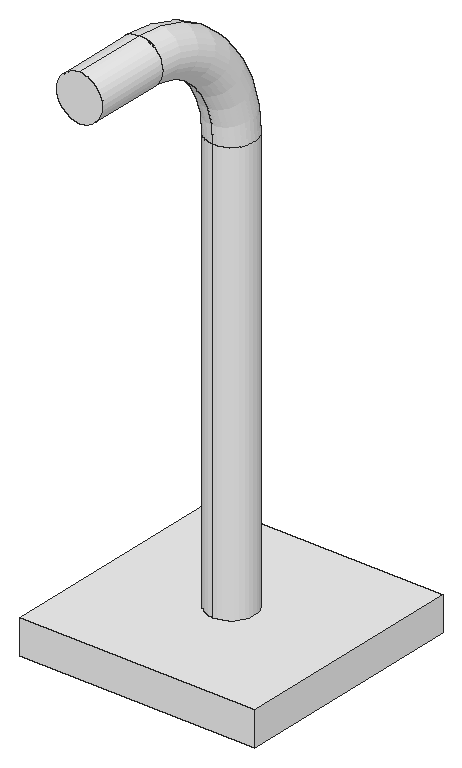
Revit family "Shower_Arm-GROHE-116487", category Plumbing Fixtures, host Face, Revit 2014
Parameters (values of type "116487")
  Width = 2 1/16"  # constant formula
  Waste Connection = no
  Warranty Documentation Link = "https://cdn.cloud.grohe.com/tpi/1000/1900/1940/1949/1949006/original/1949006.pdf"
  WFU = 4  # constant formula
  Vent Connection = no
  URL = "https://www.grohe.us/"
  Type Comments = ""
  Tempered Connection Radius = Tempered Connection Diameter / 2  # 1/4"
  Tempered Connection Diameter = Hot Water Connection Diameter  # 1/2"
  Product Page URL = "https://www.grohe.us/Hand-Showers-Accessories/6-1-4-Inch-Shower-Arm-With-Square-Flange/GROHE-CHROME-116487"
  Price = "Prices may vary. Please consult Manufacturer Representative for most up-to-date price list."  # constant formula
  Model = "116487"
  Material = "Metal-Grohe-000-Chrome"
  Manufacturer = "Grohe"
  Length = 3 3/16"  # constant formula
  Installation Type = "Wall Mounted"
  Hot Water Connection Radius = Hot Water Connection Diameter / 2  # 1/4"
  Hot Water Connection Diameter = Cold Water Connection Diameter  # 1/2"
  Height = 6 1/4"  # constant formula
  HWFU = 3  # constant formula
  Flow Rate = "2.0 gpm (7.6 L/min)"  # constant formula
  Finish = Metal-Grohe-000-Chrome
  Description = "Universal 6\" Shower Arm with Square Flange"
  Default Elevation = 78"  # constant formula
  Creation Date = "03/10/2017"  # constant formula
  Cold Water Connection Radius = 1/4"  # constant formula
  Cold Water Connection Diameter = Cold Water Connection Radius * 2  # 1/2"
  CWFU = 3  # constant formula
  Assembly Code = "D2090800"
Reference planes (in)
  plane 1 "Center (Front/Back)": y = 0
  plane 2: z = 0
  plane 3 "Center (Left/Right)": x = 0
  plane 4: z = 6.25
  plane 5: y = -2.0625
  plane 6: x = -1.28125
  plane 7: y = 1.28125
  plane 8: z = 0.375
  plane 9: x = 1.28125
  plane 10: y = -1.28125
Forms (in)
  Extrusion 1, solid, material "Metal-Grohe-000-Chrome" <- "Finish"
    sketch origin (0, 0, 0) x (1, 0, 0) y (0, 1, 0)
      loop
        line (-1.28125, 1.28125) -> (-1.28125, -1.28125) -> (1.28125, -1.28125) -> (1.28125, 1.28125) -> (-1.28125, 1.28125)
    from 0 to 0.375
  Sweep 2, solid, material "Metal-Grohe-000-Chrome" <- "Finish"
    path origin (0, 0, 0) x (0, 1, 0) y (0, 0, 1)
      loop
        line (0, 0) -> (0, 5)
        arc (0, 5) -> (-0.36612, 5.88388) -> (-1.25, 6.25) r 1.25
        line (-1.25, 6.25) -> (-2.0625, 6.25)
    profile origin (0, 0, 2.5) x (0, -1, 0) y (1, 0, 0)
      loop
        circle (0, 0) r 0.25
Cuts and joins
  joined: Extrusion 1, Sweep 2
Lines and regions (in)
  Masking region 1
    outline origin (0, 0, 0) x (1, 0, 0) y (0, 0, 1)
      loop
        line (0.25101, 0.375) -> (0.25101, 6.27871)
        arc (0.25101, 6.27871) -> (-0.00386, 6.47714) -> (-0.25101, 6.26918) r 0.25669
        line (-0.25101, 6.26918) -> (-0.25101, 0.375) -> (-1.28125, 0.375) -> (-1.28125, 0) -> (1.28125, 0) -> (1.28125, 0.375) -> (0.25101, 0.375)
  symbolic lines, style "PlumbingFixtures", detail levels medium+fine
    curve 1: line (0.25, 0, 0.375) -> (-0.25, 0, 0.375)
Dimensions and locks (in)
  "Height": plane 4 to level
  "Width": plane 1 "Center (Front/Back)" to plane 5
  locked: plane 8 to level at 0.375
  aligned and locked: plane 2 to host face
  aligned and locked: level to host face
  aligned and locked: plane 7 to Extrusion 1 sketch curve
  aligned and locked: plane 6 to Extrusion 1 sketch curve
  aligned and locked: plane 10 to Extrusion 1 sketch curve
  aligned and locked: plane 9 to Extrusion 1 sketch curve
  aligned and locked: plane 8 to Extrusion 1
Automatic sketch dimensions
  host sketch curve to host sketch curve = 96"  (x2)
  curve 1 to plane 3 "Center (Left/Right)" = 1/4"
  plane 3 "Center (Left/Right)" to curve 1 = 1/4"
  plane 8 to curve 1 = 0"
  Masking region 1 sketch curve to plane 6 = 0"
  Masking region 1 sketch curve to plane 8 = 0"  (x2)
  plane 9 to Masking region 1 sketch curve = 0"
  Masking region 1 sketch curve to plane 3 "Center (Left/Right)" = 0.25101"
  plane 3 "Center (Left/Right)" to Masking region 1 sketch curve = 0.00101"
  plane 3 "Center (Left/Right)" to Masking region 1 sketch curve = 0.25101"
  Masking region 1 sketch curve to plane 4 = 0.0295"
  plane 4 to Masking region 1 sketch curve = 0.01918"
  Masking region 1 sketch curve to level = 0"
  Sweep 2 sketch curve to plane 4 = 0"
  Sweep 2 sketch curve to plane 5 = 0"
  Sweep 2 sketch curve to plane 1 "Center (Front/Back)" = 0"
  Sweep 2 sketch curve to level = 0"
  plane 10 to Sweep 2 sketch curve = 1/32"
  Sweep 2 sketch curve to plane 3 "Center (Left/Right)" = 0"
  Sweep 2 sketch curve to profile plane = 0"
  radius of Sweep 2 sketch curve = 1/4"
Connectors (in)
  piping at (0, 0, 0), diameter 0.5, driven by "Tempered Connection Diameter"
    settings: on cut or joined group of Extrusion 1, Sweep 2, index 1, connector inside diameter 24", connector length 0", flow factor 0, pipe flow 0 GPM, pressure drop 0.00 psi, fitting loss kfactor 0, connector angle 0.00°, fixture units 0, engagement length 0", angle of deflection 0.00°, flow configuration 0, flow direction 1, fitting loss method 0, system type 29, joint type 0, gender type 0, connector reference index -1, connector utility 0, adjustable connector no, is connector primary yes, connector description "1/2\" NPT Supply Inlet"
